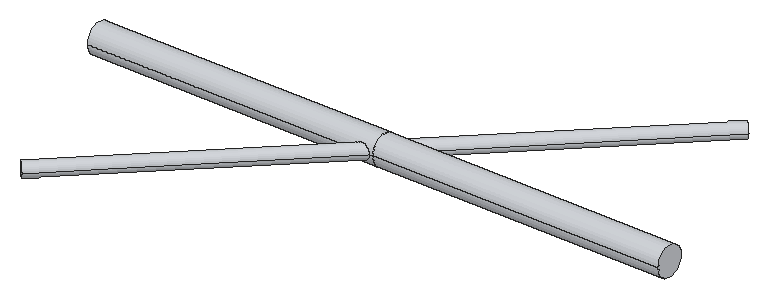
Revit family "Family-PipeFitting-Crossroads", category Pipe Fittings, Revit 2023
Family settings
  Round Connector Dimension = Use Diameter
  Part Type = Elbow
  Work Plane-Based = No
  Always vertical = Yes
  Cut with Voids When Loaded = No
  Shared = No
Parameters
  Main Diameter [instance] = 100 mm
  Intersection to the rightside [instance] = 1000 mm
  Intersection to the leftside [instance] = 1000 mm
  Default Elevation = 0 mm
  Branch pipe length 2 [instance] = 1000 mm
  Branch pipe length 1 [instance] = 1000 mm
  Branch Diameter [instance] = 50 mm
  Angle2 [instance] = Angle  # 45.00°
  Angle [instance] = 45.00°
Reference planes
  plane 1 "Center (Front/Back)": y = 0
  plane 2: z = 0
  plane 3 "Center (Left/Right)": x = 0
Forms (mm)
  Sweep 1, solid
    path origin (0, 0, 0) x (1, 0, 0) y (0, 1, 0)
      loop
        line (1000, 0) -> (0, 0) -> (-1000, 0)
    profile origin (-500, 0, 0) x (0, -1, 0) y (0, 0, 1)
      loop
        circle (0, 0) r 50
  Sweep 2, solid
    path origin (0, 0, 0) x (1, 0, 0) y (0, 1, 0)
      loop
        line (-707.107, -707.107) -> (0, 0) -> (707.107, 707.107)
    profile origin (353.553, 353.553, 0) x (-0.707107, 0.707107, 0) y (0, 0, 1)
      loop
        circle (0, 0) r 25
Cuts and joins
  joined: Sweep 1, Sweep 2
Dimensions and locks
  "Intersection to the leftside": Sweep 1 sketch curve to Sweep 1 sketch curve
  "Intersection to the rightside": Sweep 1 sketch curve to Sweep 1 sketch curve
  "Branch pipe length 1": Sweep 2 sketch curve to Sweep 2 sketch curve
  "Branch pipe length 2": Sweep 2 sketch curve to Sweep 2 sketch curve
  "Main Diameter": diameter of Sweep 1 sketch curve
  "Branch Diameter": diameter of Sweep 2 sketch curve
  "Angle2": angle plane 1 "Center (Front/Back)" to Sweep 2 sketch curve
  "Angle": angle plane 1 "Center (Front/Back)" to Sweep 2 sketch curve
  aligned and locked: level to plane 2
Automatic sketch dimensions
  plane 1 "Center (Front/Back)" to Sweep 1 sketch curve = 0 mm
  Sweep 1 sketch curve to plane 3 "Center (Left/Right)" = 0 mm
  Sweep 1 sketch curve to level = 0 mm
  Sweep 1 sketch curve to profile plane = 0 mm
  plane 1 "Center (Front/Back)" to Sweep 2 sketch curve = 0 mm
  Sweep 2 sketch curve to plane 3 "Center (Left/Right)" = 0 mm
  Sweep 2 sketch curve to level = 0 mm
  Sweep 2 sketch curve to profile plane = 0 mm
Connectors
  piping at (707.107, 707.107, 0), diameter 609.6
    settings: on cut or joined group of Sweep 1, Sweep 2, index 1, connector inside diameter 609.6 mm, connector length 0 mm, flow factor 0, pipe flow 0.0 L/s, pressure drop 0.0 Pa, fitting loss kfactor 0, connector angle 0.00°, fixture units 0, engagement length 0 mm, angle of deflection 0.00°, flow configuration 0, flow direction 0, fitting loss method 0, system type 7, joint type 0, gender type 0, connector reference index -1, connector utility 0, adjustable connector no, is connector primary yes, connector description ""
  piping at (1000, 0, 0), diameter 609.6
    settings: on cut or joined group of Sweep 1, Sweep 2, index 2, connector inside diameter 609.6 mm, connector length 0 mm, flow factor 0, pipe flow 0.0 L/s, pressure drop 0.0 Pa, fitting loss kfactor 0, connector angle 0.00°, fixture units 0, engagement length 0 mm, angle of deflection 0.00°, flow configuration 0, flow direction 0, fitting loss method 0, system type 7, joint type 0, gender type 0, connector reference index -1, connector utility 0, adjustable connector no, is connector primary no, connector description ""
  piping at (-707.107, -707.107, 0), diameter 609.6
    settings: on cut or joined group of Sweep 1, Sweep 2, index 3, connector inside diameter 609.6 mm, connector length 0 mm, flow factor 0, pipe flow 0.0 L/s, pressure drop 0.0 Pa, fitting loss kfactor 0, connector angle 0.00°, fixture units 0, engagement length 0 mm, angle of deflection 0.00°, flow configuration 0, flow direction 0, fitting loss method 0, system type 7, joint type 0, gender type 0, connector reference index -1, connector utility 0, adjustable connector no, is connector primary no, connector description ""
  piping at (-1000, 0, 0), diameter 609.6
    settings: on cut or joined group of Sweep 1, Sweep 2, index 4, connector inside diameter 609.6 mm, connector length 0 mm, flow factor 0, pipe flow 0.0 L/s, pressure drop 0.0 Pa, fitting loss kfactor 0, connector angle 0.00°, fixture units 0, engagement length 0 mm, angle of deflection 0.00°, flow configuration 0, flow direction 0, fitting loss method 0, system type 7, joint type 0, gender type 0, connector reference index -1, connector utility 0, adjustable connector no, is connector primary no, connector description ""
